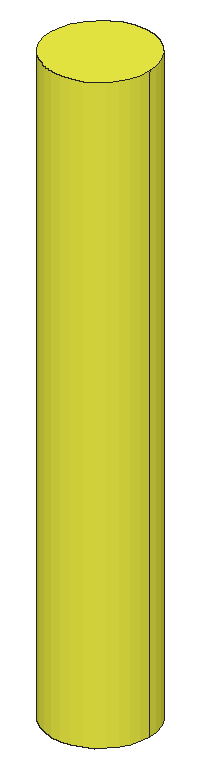
Revit family
Parameters (values of type "150mm Diameter")
  Material = Metal - Paint Finish - Yellow, Matte
  Keynote = "Q"
Reference planes
  plane 1 "Center (Front/Back)": y = -75
  plane 2: z = 0
  plane 3 "Center (Left/Right)": x = 1.2
  plane 4: x = 76.2
  plane 5: y = -150
  plane 6: y = 0
  plane 7: x = -73.8
  plane 8: z = 900
Forms (mm)
  Extrusion 1, solid, material "Metal - Paint Finish - Yellow, Matte" <- "Material"
    sketch origin (0, 0, 0) x (1, 0, 0) y (0, 1, 0)
      loop
        circle (1.2, -75) r 75
    from 0 to 900
Lines and regions (mm)
  symbolic lines, style "Site Accessories"
    curve 1: arc (76.2, -75, 0) -> (1.2, 0, 0) -> (-73.8, -75, 0) r 75
    curve 2: arc (-73.8, -75, 0) -> (1.2, -150, 0) -> (76.2, -75, 0) r 75
